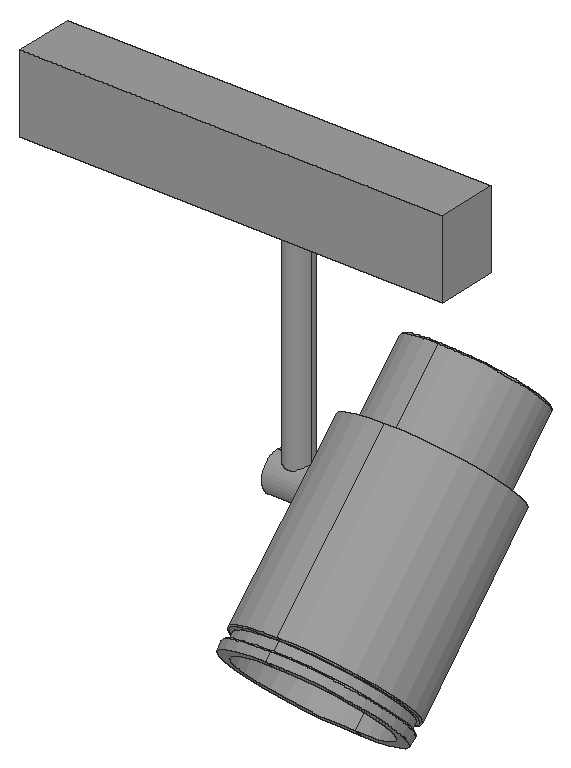
Revit family "A03", category Lighting Fixtures, host Ceiling, Revit 2018
Family settings
  Host = Ceiling
  Round Connector Dimension = Use Diameter
  Part Type = Normal
  OmniClass Number = 23.80.70.11
  OmniClass Title = Luminaries for Internal Lighting
  Always vertical = Yes
  Cut with Voids When Loaded = No
  Light Source = No
  Shared = No
  Room Calculation Point = No
Parameters (values of type "A03-L1800-9TC-120V-92-30-CP")
  Wattage Comments = "120"
  Rotation XZ [instance] = 45.00°
  Rotation XY [instance] = 270.00°
  Lamp = ""
  FINISH = CP-CUSTOM FINISH
  Constraint XZ [instance] = if(Rotation XZ < 0.00°, 0.00°, if(Rotation XZ > 90.00°, 90.00°, Rotation XZ))  # 45.00°
  Constraint XY [instance] = if(Rotation XY < 0.00°, 0.00°, if(Rotation XY > 340.00°, 340.00°, Rotation XY))  # 270.00°
  CRI = "92"
Types (10): name | Wattage Comments | Rotation XZ | Rotation XY | FINISH | Constraint XZ | Constraint XY
  (no name) | "120" | 45.00° | 270.00° | CP-CUSTOM FINISH | 45.00° | 270.00°
  A03-L1800-9TC-120V-92-30-P | "120" | 0.00° | 45.00° | P-WHITE | 0.00° | 45.00°
  A03-L1800-9TC-120V-92-30-MB | "120" | 45.00° | 45.00° | MB-BLACK | 45.00° | 45.00°
  A03-L1800-9TC-120V-92-30-CP | "120" | 45.00° | 270.00° | CP-CUSTOM FINISH | 45.00° | 270.00°
  A03-L1800-9TC-240V-92-30-CP | "240" | 0.00° | 45.00° | CP-CUSTOM FINISH | 0.00° | 45.00°
  A03-L1800-9TC-277V-92-30-CP | "277" | 0.00° | 45.00° | CP-CUSTOM FINISH | 0.00° | 45.00°
  A03-L1800-9TC-240V-92-30-MB | "240" | 0.00° | 45.00° | MB-BLACK | 0.00° | 45.00°
  A03-L1800-9TC-277V-92-30-MB | "277" | 0.00° | 45.00° | MB-BLACK | 0.00° | 45.00°
  A03-L1800-9TC-240V-92-30-P | "240" | 0.00° | 45.00° | P-WHITE | 0.00° | 45.00°
  A03-L1800-9TC-277V-92-30-P | "277" | 30.00° | 50.00° | P-WHITE | 30.00° | 50.00°
Reference planes (in)
  plane 1 "Light Source Axis (F/B)": y = 0
  plane 2 "Ceiling": z = 96
  plane 3 "Light Source Axis (L/R)": x = 0
  plane 4 "Light Source Elevation": z = 96
  plane 5: z = 94.96691
  plane 6: through (-180, -9.36916, 79.49216) normal (0, -0.7071, 0.7071)
Forms (in)
  Extrusion 1, solid, material "CP-CUSTOM FINISH" <- "FINISH"
    sketch origin (0, 0, 0) x (1, 0, 0) y (0, 0, 1)
      loop
        line (-4.58839, 97.405) -> (-4.58839, 96) -> (3.02983, 96) -> (3.02983, 97.405) -> (-4.58839, 97.405)
    from -0.53711 to 0.53711
Lines and regions (in)
  reference lines
    curve 1: line (0, 0, 96) -> (0, -4.5, 96)
Dimensions and locks (in)
  equal spacing: host sketch curve, plane 3 "Light Source Axis (L/R)", host sketch curve
  equal spacing: host sketch curve, plane 1 "Light Source Axis (F/B)", host sketch curve
  host sketch curve to host sketch curve = 10' - 0"  (x2)
  "Constraint XY": angle plane 1 "Light Source Axis (F/B)" to curve 1
  aligned and locked: plane 3 "Light Source Axis (L/R)" to curve 1
  aligned and locked: plane 1 "Light Source Axis (F/B)" to curve 1
Automatic sketch dimensions
  Extrusion 1 sketch curve to plane 2 "Ceiling" = 0' - 0"
  Extrusion 1 sketch curve to plane 3 "Light Source Axis (L/R)" = 0' - 4.58839"
  plane 3 "Light Source Axis (L/R)" to Extrusion 1 sketch curve = 0' - 3.02983"
  plane 2 "Ceiling" to Extrusion 1 sketch curve = 0' - 1.405"
Nested families (in)
  nested 1: "STEM LAMP_A03" at (0, 0, 96) x (-1, 0, 0) z (0, 0, -1), Rotation XZ <- "Constraint XZ", Material <- "FINISH", type "STEM LAMP_A03"
    with Width_02 0' - 0.7874", Rotation XZ 45.00°, Material CP-CUSTOM FINISH, Constraint XZ 45.00°
  nested 2: "A03 IES Data" at (1.86909, -1.53925, 90.30872) x (1, 0, 0) z (0, 0.7071, 0.7071), type "A03_IES"
  nested 3: "LAMP_A03" at (1.86503, 1.59545, 93.44342) x (1, 0, 0) z (0, 0.7071, -0.7071), type "LAMP_A03"
    with Material CP-CUSTOM FINISH
Definition of nested family "STEM LAMP_A03"
  Parameters (values of type "STEM LAMP_A03")
    Width_04 = 0' - 0.47244"
    Width_03 = 0' - 0.62992"
    Width_02 [instance] = 0' - 0.7874"
    Width_01 = 0' - 1.06299"
    Widht_02 = 0' - 0.90551"
    Rotation XZ [instance] = 90.00°
    Material [instance] = none
    Default Elevation = 4' - 0"
    Constraint XZ [instance] = if(Rotation XZ < 0.00°, 0.00°, if(Rotation XZ > 90.00°, 90.00°, Rotation XZ))  # 90.00°
  Reference planes (in)
    plane 1 "Center (Front/Back)": y = 0
    plane 2: z = 0
    plane 3 "Center (Left/Right)": x = 0
    plane 4: z = 0.09453
    plane 5: z = 2.11257
    plane 6: y = 0.5315
    plane 7: y = -0.5315
    plane 8: y = 0.49213
    plane 9: y = -0.41339
    plane 10: x = -0.31496
    plane 11: x = 0.31496
    plane 12: x = -0.23622
    plane 13: x = 0.23622
    plane 14 "LAMP_02": y = 0.1382
    plane 15 "LAMP": z = 2.44188
    plane 16: x = -1.86503
    plane 17: z = 4.15203
  Forms (in)
    Extrusion 1, solid
      sketch origin (0, 0, 0) x (1, 0, 0) y (0, 1, 0)
        loop
          line (-48, 48) -> (-48, -48) -> (48, -48) -> (48, 48) -> (-48, 48)
      from 0 to -12
    Extrusion 2, solid, material <- "Material"
      sketch origin (0, 0, 0) x (1, 0, 0) y (0, 1, 0)
        loop
          circle (0, 0) r 0.35433
      from 0 to 0.09453
    Extrusion 3, solid, material <- "Material"
      sketch origin (0, 0, 0) x (1, 0, 0) y (0, 1, 0)
        loop
          circle (0, 0) r 0.24409
      from 0.09453 to 4.17994
    Revolve 4, solid, material <- "Material"
      sketch origin (0, 0, 0) x (-1, 0, 0) y (0, 0, 1)
        loop
          line (-0.4, 4.15203) -> (0.47455, 4.15203) -> (0.47455, 4.50203) -> (-0.38268, 4.50203) -> (-0.4, 4.47203) -> (-0.4, 4.15203)
        axis (0.47455, 4.15203) -> (-0.4, 4.15203)
      angle from 0 to 360
  Cuts and joins
    joined: Extrusion 3, Revolve 4
  Lines and regions (in)
    reference lines
      curve 1: line (-1.86503, 0, 4.15203) -> (-1.86503, 0, 31.04037)
    model lines
      curve 2: line (0.4, 0.1382, 4.15203) -> (-0.19055, 0.1382, 4.15203)
  Dimensions and locks (in)
    plane 4 to plane 2 = 0' - 0.09453"
    plane 5 to Extrusion 1 = 0' - 2.11257"
    equal spacing: plane 6, plane 1 "Center (Front/Back)", plane 7
    "Width_01": plane 6 to plane 7
    equal spacing: plane 11, plane 3 "Center (Left/Right)", plane 10
    equal spacing: plane 13, plane 3 "Center (Left/Right)", plane 12
    "Width_03": plane 11 to plane 10
    "Width_04": plane 13 to plane 12
    "Widht_02": plane 8 to plane 9
    plane 6 to plane 8 = 0' - 0.03937"
    plane 15 "LAMP" to plane 5 to Extrusion 1 = 0' - 0.32931", 0' - 2.11257"
    locked: curve 1 to curve 1 at 26.88834
    "Constraint XZ": angle plane 15 "LAMP" to curve 1
    aligned and locked: plane 2 to Extrusion 1
    aligned and locked: level to Extrusion 1
    aligned and locked: Extrusion 2 to level
    aligned and locked: plane 4 to Extrusion 2
    aligned and locked: Extrusion 3 to plane 4
    aligned and locked: plane 1 "Center (Front/Back)" to curve 1
    aligned and locked: plane 17 to curve 1
  Automatic sketch dimensions
    Extrusion 1 sketch curve to Extrusion 1 sketch curve = 8' - 0"  (x2)
    plane 1 "Center (Front/Back)" to Extrusion 2 sketch curve = 0' - 0"
    Extrusion 2 sketch curve to plane 3 "Center (Left/Right)" = 0' - 0"
    plane 1 "Center (Front/Back)" to Extrusion 3 sketch curve = 0' - 0"
    Extrusion 3 sketch curve to plane 3 "Center (Left/Right)" = 0' - 0"
    plane 11 to Revolve 4 sketch curve = 0' - 0.08504"
    Revolve 4 sketch curve to Revolve 4 sketch curve = 0' - 0.01732"
    Revolve 4 sketch curve to plane 10 = 0' - 0.15959"
    plane 15 "LAMP" to Revolve 4 sketch curve = 0' - 1.71015"
    Revolve 4 sketch curve to Revolve 4 sketch curve = 0' - 0.32"
    Revolve 4 sketch curve to Revolve 4 sketch curve = 0' - 0.35"
    Revolve 4 sketch curve to Revolve 4 sketch curve = 0' - 0"  (x2)
    Revolve 4 sketch curve to Revolve 4 sketch curve = 0' - 0.26647"
    curve 2 to plane 17 = 0' - 0"
    plane 11 to curve 2 = 0' - 0.08504"
    plane 12 to curve 2 = 0' - 0.04567"
    curve 1 to plane 17 = 0' - 0"
    radius of Extrusion 2 sketch curve = 0' - 0.35433"
    radius of Extrusion 3 sketch curve = 0' - 0.24409"
  Nested families (in)
    nested 1: "LAMP_A03" at (-1.86503, 0, 1.89572) x (-1, 0, 0) z (0, 1, 0), Material <- "Material", type "LAMP_A03"
  Definition of nested family "LAMP_A03"
    Parameters (values of type "LAMP_A03")
      Width_01 = 0' - 3.14961"
      Material [instance] = none
      Default Elevation = 4' - 0"
    Reference planes (in)
      plane 1 "Center (Front/Back)": y = 0
      plane 2: z = 0
      plane 3 "Center (Left/Right)": x = 0
      plane 4: z = 3.00208
      plane 5: z = -3.88768
      plane 6: z = 1.53543
      plane 7: z = -1.53543
      plane 8: z = 0
      plane 9: z = 0
      plane 10: y = 5.18689
      plane 11: y = -1.70287
      plane 12 "Light Source": y = 5.305
      plane 13: y = -0.97504
    Forms (in)
      Extrusion 1, solid
        sketch origin (0, 0, 0) x (1, 0, 0) y (0, 1, 0)
          loop
            line (-48, 48) -> (-48, -48) -> (48, -48) -> (48, 48) -> (-48, 48)
        from 0 to -12
      Revolve 2, solid, material <- "Material"
        sketch origin (0, 0, 0) x (0, 1, 0) y (0, 0, 1)
          loop
            line (1.30943, 1.50424) -> (1.30943, 1.20524) -> (-0.07987, 1.19311)
            arc (-0.07987, 1.19311) -> (-0.09664, 1.18603) -> (-0.10357, 1.1692) r 0.02391
            line (-0.10357, 1.1692) -> (-0.10357, 0.00743) -> (5.09096, 0.00743) -> (5.09096, 1.51743) -> (4.93475, 1.5306)
            arc (4.93475, 1.5306) -> (4.91946, 1.52537) -> (4.91296, 1.51056) r 0.0201
            line (4.91296, 1.51056) -> (4.91296, 1.44343) -> (4.73496, 1.44343) -> (4.73496, 1.51342)
            arc (4.73496, 1.51342) -> (4.72888, 1.52801) -> (4.71424, 1.53396) r 0.02054
            line (4.71424, 1.53396) -> (1.30943, 1.50424)
          axis (5.09096, 0.00743) -> (-0.10357, 0.00743)
        angle from 0 to 360
      Revolve 3, void
        sketch origin (0, 0, 0) x (0, 1, 0) y (0, 0, 1)
          loop
            line (5.09096, 0) -> (4.43314, 0) -> (4.43314, -1.31399) -> (5.09096, -1.31399) -> (5.09096, 0)
          axis (5.09096, 0) -> (4.43314, 0)
        angle from 0 to 360
    Cuts and joins
      Revolve 3 cuts Revolve 2
    Dimensions and locks (in)
      plane 4 to Extrusion 1 = 0' - 3.00208"
      Extrusion 1 to plane 5 = 0' - 3.88768"
      equal spacing: plane 6, plane 8, plane 7
      plane 6 to plane 7 = 0' - 3.07087"
      plane 9 to plane 7 = 0' - 1.53543"
      plane 10 to plane 1 "Center (Front/Back)" to plane 11 = 0' - 5.18689" locked, 0' - 1.70287" locked
      aligned and locked: plane 2 to Extrusion 1
      aligned and locked: level to Extrusion 1
Definition of nested family "LAMP_A03"
  Parameters (values of type "LAMP_A03")
    Width_01 = 0' - 3.14961"
    Material [instance] = none
    Default Elevation = 4' - 0"
  Reference planes (in)
    plane 1 "Center (Front/Back)": y = 0
    plane 2: z = 0
    plane 3 "Center (Left/Right)": x = 0
    plane 4: z = 3.00208
    plane 5: z = -3.88768
    plane 6: z = 1.53543
    plane 7: z = -1.53543
    plane 8: z = 0
    plane 9: z = 0
    plane 10: y = 5.18689
    plane 11: y = -1.70287
    plane 12 "Light Source": y = 5.305
    plane 13: y = -0.97504
  Forms (in)
    Extrusion 1, solid
      sketch origin (0, 0, 0) x (1, 0, 0) y (0, 1, 0)
        loop
          line (-48, 48) -> (-48, -48) -> (48, -48) -> (48, 48) -> (-48, 48)
      from 0 to -12
    Revolve 2, solid, material <- "Material"
      sketch origin (0, 0, 0) x (0, 1, 0) y (0, 0, 1)
        loop
          line (1.30943, 1.50424) -> (1.30943, 1.20524) -> (-0.07987, 1.19311)
          arc (-0.07987, 1.19311) -> (-0.09664, 1.18603) -> (-0.10357, 1.1692) r 0.02391
          line (-0.10357, 1.1692) -> (-0.10357, 0.00743) -> (5.09096, 0.00743) -> (5.09096, 1.51743) -> (4.93475, 1.5306)
          arc (4.93475, 1.5306) -> (4.91946, 1.52537) -> (4.91296, 1.51056) r 0.0201
          line (4.91296, 1.51056) -> (4.91296, 1.44343) -> (4.73496, 1.44343) -> (4.73496, 1.51342)
          arc (4.73496, 1.51342) -> (4.72888, 1.52801) -> (4.71424, 1.53396) r 0.02054
          line (4.71424, 1.53396) -> (1.30943, 1.50424)
        axis (5.09096, 0.00743) -> (-0.10357, 0.00743)
      angle from 0 to 360
    Revolve 3, void
      sketch origin (0, 0, 0) x (0, 1, 0) y (0, 0, 1)
        loop
          line (5.09096, 0) -> (4.43314, 0) -> (4.43314, -1.31399) -> (5.09096, -1.31399) -> (5.09096, 0)
        axis (5.09096, 0) -> (4.43314, 0)
      angle from 0 to 360
  Cuts and joins
    Revolve 3 cuts Revolve 2
  Dimensions and locks (in)
    plane 4 to Extrusion 1 = 0' - 3.00208"
    Extrusion 1 to plane 5 = 0' - 3.88768"
    equal spacing: plane 6, plane 8, plane 7
    plane 6 to plane 7 = 0' - 3.07087"
    plane 9 to plane 7 = 0' - 1.53543"
    plane 10 to plane 1 "Center (Front/Back)" to plane 11 = 0' - 5.18689" locked, 0' - 1.70287" locked
    aligned and locked: plane 2 to Extrusion 1
    aligned and locked: level to Extrusion 1
Definition of nested family "A03 IES Data"
  Parameters (values of type "C71_IES")
    Wattage = 30.5556 W
    built-in parameter 1150110 = 1 (stored number, unit not read)
    built-in parameter 1114217 = 1 (stored number, unit not read)
    Tilt Angle = 90.00°
    built-in parameter 1150109 = 1 (stored number, unit not read)
    built-in parameter 1150134 = (empty or 0)
    built-in parameter 1150113 = 1 (stored number, unit not read)
    built-in parameter 1010507 = 1.5708 (stored number, unit not read)
    built-in parameter 1010506 = 0.5236 (stored number, unit not read)
    Model = ""
    Manufacturer = ""
    built-in parameter 1150105 = 10030.7 (stored number, unit not read)
    Lumens = 3000 lm
    built-in parameter 1150115 = 1 (stored number, unit not read)
    Light Source Symbol Length = 10' - 0"
    built-in parameter 1150137 = (empty or 0)
    built-in parameter 1150139 = (empty or 0)
    built-in parameter 1150112 = 1 (stored number, unit not read)
    built-in parameter 1150114 = 1 (stored number, unit not read)
    Lamp = ""
    built-in parameter 1150132 = 2
    built-in parameter 1150102 = (empty or 0)
    built-in parameter 1150107 = 3000 (stored number, unit not read)
    built-in parameter 1150138 = (empty or 0)
    built-in parameter 1150106 = 100.31 (stored number, unit not read)
    Emit from Circle Diameter = 0' - 2.95276"
    Emit Shape Visible in Rendering = no
    built-in parameter 1150104 = 9.1214 (stored number, unit not read)
    Dimming Lamp Color Temperature Shift = (empty or 0)
    Description = ""
    Default Elevation = 0' - 0"
    Content Creator = ""
    Color Filter = 16777215
    built-in parameter 1114218 = 1 (stored number, unit not read)
    built-in parameter 1150133 = 10 (stored number, unit not read)
    Apparent Load = 27.5 VA
  Reference planes (in)
    plane 1 "Center (Front/Back)": y = 0
    plane 2: z = 0
    plane 3 "Center (Left/Right)": x = 0
  Forms (in)
    Extrusion 1, solid
      sketch origin (0, 0, 0) x (1, 0, 0) y (0, 1, 0)
        loop
          line (-48, 48) -> (-48, -48) -> (48, -48) -> (48, 48) -> (-48, 48)
      from 0 to 4.87962
  Dimensions and locks (in)
    aligned and locked: plane 2 to Extrusion 1
    aligned and locked: level to Extrusion 1
